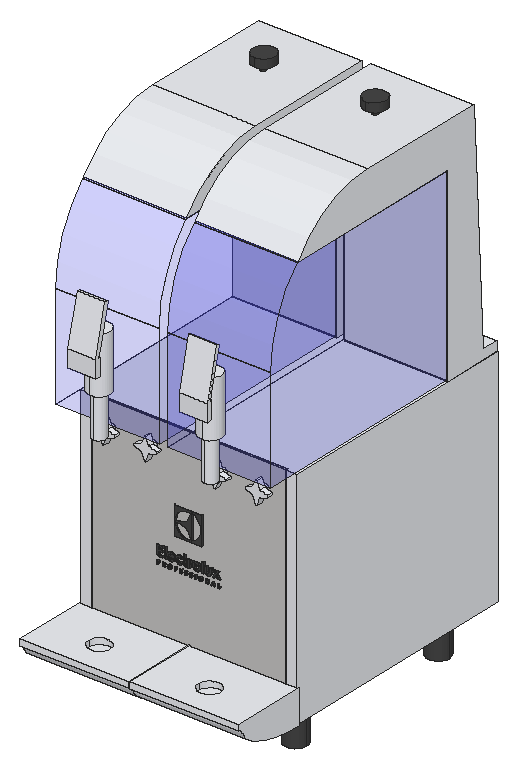
Revit family "QF_ELECTROLUXPROFESSIONAL_562520_IPRO2MR290", category Attrezzature speciali, Revit 2020
Family settings
  Quota connettore circolare = Usa diametro
  Tipo di parte = Normale
  Basato su piano di lavoro = No
  Sempre verticale = Sì
  Taglio con vuoti quando caricato = No
  Condiviso = No
  Punto di calcolo locali = No
Parameters (values of type "Standard")
  Weight = 60.00 kg
  Watts = 790 W
  Volts = 220 V
  URL Manufacturer = "https://www.electroluxprofessional.com/"
  URL = "https://www.electroluxprofessional.com/"
  Steam Supply Size = 0 mm
  Steam Supply Minimum Pressure = 0.0 Pa
  Steam Supply Maximum Pressure = 0.0 Pa
  Steam Consumption per Hour = 0
  Show Logo [instance] = yes
  Show Clearance [instance] = yes
  Refrigeration Suction Line Size = 0 mm
  Refrigeration Liquid Line Size = 0 mm
  Refrigerant Compressor Remote = yes
  Prospetto di default = 0 mm
  Produttore = "Electrolux Professional"
  Phase = 1
  Modello = "IPRO2MR290"
  Length Actual = 400 mm  # constant formula
  Item Number = "562520"
  Hot Water Size = 0 mm
  Height Actual = 870 mm  # constant formula
  HP = "1.1 HP"
  Gas Size = 0 mm
  Gas KW = 0
  Gas Input Pressure = 0 W
  Direct Waste Size = 0 mm
  Descrizione = "2X11 LT BOWL - FROZEN GRANITA DISPENSER - MECHANICAL CONTROL  - 2 INSULATED BOWLS - WHITE, R290 - UK"
  Depth Actual = 580 mm  # constant formula
  Cycle = 50 Hz
  Condensate Return Size = 0 mm
  Compressed Air Volume = 0.0 L/s
  Compressed Air Size = 0 mm
  Compressed Air Pressure = 0.0 Pa
  Cold Water Size = 0 mm
  Accessory = yes
Reference planes
  plane 1: z = 0
  plane 2 "LEFT": x = -300
  plane 3 "BACK": y = 282.5
  plane 4 "FRONT": y = -301.5
  plane 5: z = 873
  plane 6 "RIGHT": x = 95
  plane 7: x = -102.5
  plane 8: y = -282.5
  plane 9: x = -202.5
  plane 10: x = -2.5
  plane 11: z = 445
  plane 12: z = 677.97
  plane 13: z = 110
  plane 14: z = 900
  plane 15: through (60, -104.25, 3830) normal (-0.7071, -0.7071, 0)
  plane 16: through (60, -84.25, 3830) normal (0.7071, -0.7071, 0)
Forms (mm)
  Extrusion 1, solid, material "QF_Finishes_White"
    sketch origin (0, 0, 0) x (1, 0, 0) y (0, 1, 0)
      loop
        line (-296.5, 282.5) -> (-296.5, -167.5) -> (-276.5, -167.5) -> (-276.5, -162.5) -> (71.5, -162.5) -> (71.5, -167.5) -> (91.5, -167.5) -> (91.5, 282.5) -> (-296.5, 282.5)
    from 50 to 453
  Extrusion 2, solid, material "QF_Finishes_Stainless Steel"
    sketch origin (0, 0, 0) x (1, 0, 0) y (0, 1, 0)
      loop
        line (71, -163) -> (-276, -163) -> (-276, -167.5) -> (71, -167.5) -> (71, -163)
    from 110 to 453
  Extrusion 3, solid, material "QF_Finishes_Stainless Steel"
    sketch origin (-367.596, -267.273, 48) x (0, -1, 0) y (1, 0, 0)
      loop
        line (-163.023, 407.596) -> (-163.023, 427.596) -> (-183.023, 427.596) -> (-183.023, 407.596) -> (-163.023, 407.596)
    from 0 to 2
Dimensions and locks
  plane 3 "BACK" to plane 4 "FRONT" = 584 mm  (x3)
  plane 5 to level = 873 mm  (x2)
  plane 2 "LEFT" to plane 6 "RIGHT" = 395 mm
  equal spacing: plane 2 "LEFT", plane 7, plane 6 "RIGHT"
  plane 3 "BACK" to plane 8 = 565 mm
  plane 10 to plane 9 = 200 mm
  plane 12 to plane 11 = 232.97 mm
  level to plane 14 = 900 mm
  plane 13 to level = 110 mm
  plane 11 to plane 13 = 335 mm
  plane 6 "RIGHT" to plane 2 "LEFT" = 395 mm
  aligned and locked: level to plane 1
Automatic sketch dimensions
  Extrusion 1 sketch curve to plane 3 "BACK" = 0 mm
  plane 2 "LEFT" to Extrusion 1 sketch curve = 3.5 mm
  Extrusion 1 sketch curve to Extrusion 1 sketch curve = 20 mm
  Extrusion 1 sketch curve to plane 6 "RIGHT" = 23.5 mm
  Extrusion 1 sketch curve to plane 6 "RIGHT" = 3.5 mm
  Extrusion 1 sketch curve to plane 8 = 120 mm
  Extrusion 1 sketch curve to Extrusion 1 sketch curve = 5 mm  (x2)
  plane 2 "LEFT" to Extrusion 2 sketch curve = 24 mm
  Extrusion 2 sketch curve to plane 6 "RIGHT" = 24 mm
  Extrusion 2 sketch curve to plane 8 = 115 mm
  Extrusion 2 sketch curve to Extrusion 2 sketch curve = 4.5 mm
  Extrusion 3 sketch curve to plane 15 = 0 mm
  plane 16 to Extrusion 3 sketch curve = 0 mm
  Extrusion 3 sketch curve to plane 16 = 0 mm
  plane 10 to Extrusion 3 sketch curve = 42.5 mm
Nested families
  nested 1: "BOCCHETTONE BEVERAGE" at (-202.5, -260.625, 445), type "BOCCHETTONE BEVERAGE"
  nested 2: "BOCCHETTONE BEVERAGE" at (-2.5, -260.625, 445), type "BOCCHETTONE BEVERAGE"
  nested 3: "MANOPOLA BEVERAGE" at (-240, -167.5, 413) x (0, 0, 1) z (0, -1, 0), type "MANOPOLA BEVERAGE"
  nested 4: "MANOPOLA BEVERAGE" at (-165, -167.5, 413) x (0, 0, 1) z (0, -1, 0), type "MANOPOLA BEVERAGE"
  nested 5: "MANOPOLA BEVERAGE" at (35, -167.5, 413) x (0, 0, 1) z (0, -1, 0), type "MANOPOLA BEVERAGE"
  nested 6: "MANOPOLA BEVERAGE" at (-40, -167.5, 413) x (0, 0, 1) z (0, -1, 0), type "MANOPOLA BEVERAGE"
  nested 7: "MANOPOLA APERTURA BEVERAGE " at (-202.5, 125, 873) x (0, 1, 0) z (0, 0, 1), type "MANOPOLA APERTURA BEVERAGE "
  nested 8: "MANOPOLA APERTURA BEVERAGE " at (-2.5, 125, 873) x (0, 1, 0) z (0, 0, 1), type "MANOPOLA APERTURA BEVERAGE "
  nested 9: "ELXP_LOGO_ONLY_MEDIUM" at (-102.5, -167.5, 303) x (1, 0, 0) z (0, -1, 0), Show Logo <- "Show Logo", visible <- "Show Logo", type "ELXP_LOGO_ONLY_MEDIUM"
    with Show Logo yes
  nested 10: "ELX_LOGO_WORDS_MEDIUM" at (-102.5, -167.5, 238) x (1, 0, 0) z (0, -1, 0), visible <- "Show Logo", Show Logo <- "Show Logo", type "ELX_LOGO_WORDS_MEDIUM"
    with Show Logo yes
  nested 11: "VASCHETTA BEVERAGE" at (-201.25, -167.5, 80) x (1, 0, 0) z (0, -1, 0), type "VASCHETTA BEVERAGE"
  nested 12: "VASCHETTA BEVERAGE" at (-3.75, -167.5, 80) x (-1, 0, 0) z (0, -1, 0), type "VASCHETTA BEVERAGE"
  nested 13: "PORTAGRANITE BEVERAGE" at (-202.5, 28.972, 453), type "PORTAGRANITE BEVERAGE"
  nested 14: "PORTAGRANITE BEVERAGE" at (-2.5, 28.972, 453) x (-1, 0, 0) z (0, 0, 1), type "PORTAGRANITE BEVERAGE"
  nested 15: "Piedino 50x40 BEVERAGE" at (-268.5, 184.5, 0), type "Piedino 50x40 BEVERAGE"
    with H 150 mm
  nested 16: "Piedino 50x40 BEVERAGE" at (-268.5, -135.5, 0), type "Piedino 50x40 BEVERAGE"
    with H 150 mm
  nested 17: "Piedino 50x40 BEVERAGE" at (63.5, 184.5, 0) x (-1, 0, 0) z (0, 0, 1), type "Piedino 50x40 BEVERAGE"
    with H 150 mm
  nested 18: "Piedino 50x40 BEVERAGE" at (63.5, -135.5, 0) x (-1, 0, 0) z (0, 0, 1), type "Piedino 50x40 BEVERAGE"
    with H 150 mm
Connectors
  electrical at (50, -94.25, 48), driven by "Volts"
    settings: on Extrusion 3, index 72, voltage 220 V, apparent load 0 VA, apparent load phase1 0 VA, apparent load phase2 0 VA, apparent load phase3 0 VA, power factor 1, load classification "Altro", number of poles 1, system type 30, power factor state 1, is connector primary yes, connector utility no, sub classification motor no, connector description "Electrical Connection"
Definition of nested family "BOCCHETTONE BEVERAGE"
  Parameters (values of type "BOCCHETTONE BEVERAGE")
    Default Elevation = 1219.2 mm
  Reference planes
    plane 1 "Centro (Fronte/Retro)": y = 0
    plane 2: z = 0
    plane 3 "Centro (Sinistra/Destra)": x = 0
    plane 4: z = 233
    plane 5: y = -22
  Forms (mm)
    Extrusion 1, solid
      sketch origin (0, 0, 0) x (1, 0, 0) y (0, 1, 0)
        loop
          line (-1219.2, 1219.2) -> (-1219.2, -1219.2) -> (1219.2, -1219.2) -> (1219.2, 1219.2) -> (-1219.2, 1219.2)
      from 0 to -304.8
    Extrusion 2, solid
      sketch origin (0, 15.961, 0) x (0, -1, 0) y (1, 0, 0)
        loop
          circle (0, 0) r 12
      from 0 to 75
    Extrusion 3, solid
      sketch origin (0, 15.961, 75) x (0, -1, 0) y (1, 0, 0)
        loop
          circle (0, 0) r 20
      from 0 to 100
    Extrusion 4, void
      sketch origin (0, 0, 0) x (1, 0, 0) y (0, 1, 0)
        loop
          line (-27.179, -16.141) -> (-21.226, -10.188) -> (-6.226, -10.188) -> (-6.226, 12.684) -> (-27.179, 12.684) -> (-27.179, -16.141)
        loop
          line (27.179, -16.141) -> (27.179, 12.684) -> (6.226, 12.684) -> (6.226, -10.188) -> (21.226, -10.188) -> (27.179, -16.141)
      from 104.337 to 159.894
    Extrusion 5, solid
      sketch origin (25, 15.961, 29.221) x (0, -1, 0) y (0, 0, 1)
        loop
          line (11.922, 118.779) -> (11.922, 88.779) -> (37.961, 88.779) -> (37.961, 119.393) -> (16.929, 203.749) -> (12.077, 202.539) -> (32.961, 118.779) -> (11.922, 118.779)
      from 0 to 50
  Cuts and joins
    Extrusion 4 cuts Extrusion 5
    joined: Extrusion 3, Extrusion 5
  Dimensions and locks
    Extrusion 1 to plane 4 = 233 mm
    aligned and locked: plane 2 to Extrusion 1
    aligned and locked: level to Extrusion 1
Definition of nested family "MANOPOLA BEVERAGE"
  Parameters (values of type "MANOPOLA BEVERAGE")
    Default Elevation = 1219.2 mm
  Reference planes
    plane 1 "Centro (Fronte/Retro)": y = 0
    plane 2: z = 0
    plane 3 "Centro (Sinistra/Destra)": x = 0
    plane 4: z = 20
  Forms (mm)
    Extrusion 1, solid
      sketch origin (0, 0, 0) x (1, 0, 0) y (0, 1, 0)
        loop
          line (-1219.2, 1219.2) -> (-1219.2, -1219.2) -> (1219.2, -1219.2) -> (1219.2, 1219.2) -> (-1219.2, 1219.2)
      from 0 to -304.8
    Extrusion 2, solid
      sketch origin (0, 0, 10) x (1, 0, 0) y (0, 1, 0)
        loop
          line (-20, -1.333) -> (-6.314, -6.314) -> (-1.333, -20) -> (1.333, -20) -> (6.314, -6.314) -> (20, -1.333) -> (20, 1.333) -> (6.314, 6.314) -> (1.333, 20) -> (-1.333, 20) -> (-6.314, 6.314) -> (-20, 1.333) -> (-20, -1.333)
      from 0 to 10
    Extrusion 3, solid
      sketch origin (0, 0, 0) x (1, 0, 0) y (0, 1, 0)
        loop
          circle (0, 0) r 5
      from 0 to 10
  Dimensions and locks
    aligned and locked: plane 2 to Extrusion 1
    aligned and locked: level to Extrusion 1
Definition of nested family "MANOPOLA APERTURA BEVERAGE "
  Parameters (values of type "MANOPOLA APERTURA BEVERAGE ")
    Default Elevation = 1219.2 mm
  Reference planes
    plane 1 "Centro (Fronte/Retro)": y = 0
    plane 2: z = 0
    plane 3 "Centro (Sinistra/Destra)": x = 0
    plane 4: z = 27
  Forms (mm)
    Extrusion 1, solid
      sketch origin (0, 0, 0) x (1, 0, 0) y (0, 1, 0)
        loop
          line (-1219.2, 1219.2) -> (-1219.2, -1219.2) -> (1219.2, -1219.2) -> (1219.2, 1219.2) -> (-1219.2, 1219.2)
      from 0 to -304.8
    Extrusion 2, solid
      sketch origin (0, 0, 0) x (1, 0, 0) y (0, 1, 0)
        loop
          circle (0, 0) r 5
      from 0 to 12
    Extrusion 3, solid
      sketch origin (0, 0, 12) x (1, 0, 0) y (0, 1, 0)
        loop
          circle (0, 0) r 20
      from 0 to 15
  Dimensions and locks
    Extrusion 1 to plane 4 = 27 mm
    aligned and locked: plane 2 to Extrusion 1
    aligned and locked: level to Extrusion 1
Definition of nested family "ELXP_LOGO_ONLY_MEDIUM"
  Parameters (values of type "ELXP_LOGO_ONLY_MEDIUM")
    Show Logo [instance] = yes
    Default Elevation = 0 mm
  Reference planes
    plane 1 "Centro (Fronte/Retro)": y = 0
    plane 2: z = 0
    plane 3 "Centro (Sinistra/Destra)": x = 0
  Forms (mm)
    Extrusion 1, solid
      sketch origin (0, 0, 0) x (1, 0, 0) y (0, 1, 0)
        loop
          line (-1219.2, 1219.2) -> (-1219.2, -1219.2) -> (1219.2, -1219.2) -> (1219.2, 1219.2) -> (-1219.2, 1219.2)
      from 0 to -304.8
    Extrusion 2, solid, visible <- "Show Logo"
      sketch origin (15.862, -72.798, 0) x (1, 0, 0) y (0, 1, 0)
        loop
          line (-40.901, 47.952) -> (9.138, 47.952) -> (9.138, 97.923) -> (-40.901, 97.923) -> (-40.901, 47.952)
        loop
          line (-9.2, 95.47) -> (-9.2, 50.507)
          arc (-9.2, 50.507) -> (7.421, 72.988) -> (-9.2, 95.47) r 23.515
        loop
          line (-11.486, 92.214) -> (-11.486, 95.47)
          arc (-11.486, 95.47) -> (-30.185, 91.22) -> (-39.194, 74.292) r 23.044
          line (-39.194, 74.292) -> (-31.756, 74.292)
          arc (-31.756, 74.292) -> (-18.467, 79.686) -> (-11.486, 92.214) r 21.599
        loop
          arc (-39.194, 71.685) -> (-30.2, 54.618) -> (-11.486, 49.93) r 23.647
          line (-11.486, 49.93) -> (-11.486, 53.763)
          arc (-11.486, 53.763) -> (-18.467, 66.291) -> (-31.756, 71.685) r 21.599
          line (-31.756, 71.685) -> (-39.194, 71.685)
      from 0 to 1.644
  Dimensions and locks
    aligned and locked: plane 2 to Extrusion 1
    aligned and locked: level to Extrusion 1
Definition of nested family "ELX_LOGO_WORDS_MEDIUM"
  Parameters (values of type "ELX_LOGO_WORDS_MEDIUM")
    Show Logo [instance] = yes
    Default Elevation = 0 mm
  Reference planes
    plane 1 "Centro (Fronte/Retro)": y = 0
    plane 2: z = 0
    plane 3 "Centro (Sinistra/Destra)": x = 0
  Forms (mm)
    Extrusion 1, solid
      sketch origin (0, 0, 0) x (1, 0, 0) y (0, 1, 0)
        loop
          line (-1219.2, 1219.2) -> (-1219.2, -1219.2) -> (1219.2, -1219.2) -> (1219.2, 1219.2) -> (-1219.2, 1219.2)
      from 0 to -304.8
    Extrusion 2, solid, visible <- "Show Logo"
      sketch origin (0, 0, 0) x (1, 0, 0) y (0, 1, 0)
        loop
          line (-45.351, 15.842) -> (-56.505, 15.842) -> (-56.505, 2.853)
          arc (-56.505, 2.853) -> (-55.037, -0.691) -> (-51.493, -2.159) r 5.012
          line (-51.493, -2.159) -> (-45.135, -2.159) -> (-45.135, 0.755) -> (-50.767, 0.755)
          arc (-50.767, 0.755) -> (-52.618, 1.38) -> (-53.406, 3.168) r 2.423
          line (-53.406, 3.168) -> (-53.406, 5.743) -> (-45.833, 5.743) -> (-45.833, 8.668) -> (-53.406, 8.668) -> (-53.406, 12.925) -> (-45.351, 12.925) -> (-45.351, 15.842)
        loop
          line (-42.933, 15.842) -> (-42.933, -2.159) -> (-39.832, -2.159) -> (-39.832, 15.842) -> (-42.933, 15.842)
        loop
          line (24.405, 15.842) -> (24.405, -2.159) -> (27.508, -2.159) -> (27.508, 15.842) -> (24.405, 15.842)
        loop
          line (-34.705, 3.589) -> (-24.531, 3.589)
          arc (-24.531, 3.589) -> (-26.123, 9.178) -> (-31.565, 11.217) r 6.447
          arc (-31.565, 11.217) -> (-36.358, 8.786) -> (-37.726, 3.589) r 6.56
          arc (-37.726, 3.589) -> (-35.926, -0.757) -> (-31.58, -2.557) r 6.146
          arc (-31.58, -2.557) -> (-28.198, -2.058) -> (-25.362, -0.149) r 7.726
          line (-25.362, -0.149) -> (-27.199, 1.688)
          arc (-27.199, 1.688) -> (-29.61, 0.242) -> (-32.411, 0.485) r 4.558
          arc (-32.411, 0.485) -> (-34.119, 1.622) -> (-34.705, 3.589) r 3.019
        loop
          line (-34.628, 5.769) -> (-27.646, 5.769)
          arc (-27.646, 5.769) -> (-28.626, 7.83) -> (-30.779, 8.59) r 2.974
          arc (-30.779, 8.59) -> (-33.263, 7.943) -> (-34.628, 5.769) r 3.481
        loop
          line (-12.445, 7.067) -> (-10.499, 9.013)
          arc (-10.499, 9.013) -> (-12.94, 10.78) -> (-15.907, 11.309) r 6.746
          arc (-15.907, 11.309) -> (-20.432, 9.655) -> (-22.806, 5.463) r 6.977
          arc (-22.806, 5.463) -> (-18.803, -1.885) -> (-10.608, -0.191) r 7.026
          line (-10.608, -0.191) -> (-12.544, 1.745)
          arc (-12.544, 1.745) -> (-16.723, 0.362) -> (-19.717, 3.589) r 4.071
          arc (-19.717, 3.589) -> (-19.509, 6.14) -> (-17.752, 8.002) r 3.867
          arc (-17.752, 8.002) -> (-14.941, 8.431) -> (-12.445, 7.067) r 4.442
        loop
          line (-8.594, 15.842) -> (-8.594, 3.541)
          arc (-8.594, 3.541) -> (-8.326, 1.695) -> (-7.635, -0.038) r 7.951
          arc (-7.635, -0.038) -> (-5.422, -1.797) -> (-2.62, -2.167) r 5.297
          line (-2.62, -2.167) -> (-2.62, 0.738)
          arc (-2.62, 0.738) -> (-3.453, 0.802) -> (-4.23, 1.109) r 2.792
          arc (-4.23, 1.109) -> (-5.227, 2.163) -> (-5.494, 3.589) r 2.57
          line (-5.494, 3.589) -> (-5.494, 8.043) -> (-2.678, 8.043) -> (-2.678, 10.86) -> (-5.494, 10.86) -> (-5.494, 15.842) -> (-8.594, 15.842)
        loop
          arc (3.006, 4.684) -> (3.228, 5.982) -> (3.868, 7.133) r 3.911
          arc (3.868, 7.133) -> (5.725, 8.086) -> (7.812, 8.043) r 4.26
          line (7.812, 8.043) -> (7.812, 11.023)
          arc (7.812, 11.023) -> (5.085, 10.766) -> (3.006, 8.983) r 4.524
          line (3.006, 8.983) -> (3.006, 10.86) -> (-0.069, 10.86) -> (-0.069, -2.159) -> (3.006, -2.159) -> (3.006, 4.684)
        loop
          circle (15.393, 4.348) r 6.899
        loop
          circle (15.393, 4.348) r 4.181
        loop
          arc (38.69, 3.262) -> (37.924, 1.158) -> (35.848, 0.319) r 2.752
          arc (35.848, 0.319) -> (33.771, 1.158) -> (33.005, 3.262) r 2.752
          line (33.005, 3.262) -> (33.005, 10.859) -> (29.879, 10.859) -> (29.879, 3.004)
          arc (29.879, 3.004) -> (31.658, -1.052) -> (35.848, -2.489) r 5.512
          arc (35.848, -2.489) -> (40.084, -1.008) -> (41.815, 3.132) r 5.512
          line (41.815, 3.132) -> (41.815, 10.859) -> (38.69, 10.859) -> (38.69, 3.262)
        loop
          line (43.689, 10.859) -> (48.192, 4.746) -> (43.245, -2.164) -> (46.578, -2.164) -> (49.861, 2.422) -> (53.193, -2.164) -> (56.505, -2.164) -> (51.629, 4.817) -> (56.087, 10.859) -> (52.703, 10.859) -> (49.851, 6.995) -> (47.043, 10.859) -> (43.689, 10.859)
        loop
          line (-53.813, -9.621) -> (-56.285, -9.621) -> (-56.285, -15.847) -> (-54.932, -15.847) -> (-54.932, -13.703) -> (-53.437, -13.703)
          arc (-53.437, -13.703) -> (-51.764, -11.49) -> (-53.813, -9.621) r 2.058
        loop
          arc (-53.496, -12.48) -> (-52.984, -11.679) -> (-53.496, -10.879) r 0.881
          line (-53.496, -10.879) -> (-54.932, -10.879) -> (-54.932, -12.48) -> (-53.496, -12.48)
        loop
          line (-44.045, -9.621) -> (-46.56, -9.621) -> (-46.56, -15.847) -> (-45.207, -15.847) -> (-45.207, -13.703) -> (-43.898, -13.703) -> (-43.003, -15.847) -> (-41.55, -15.847) -> (-42.774, -13.222)
          arc (-42.774, -13.222) -> (-42.188, -12.521) -> (-41.991, -11.628) r 1.922
          arc (-41.991, -11.628) -> (-42.609, -10.206) -> (-44.045, -9.621) r 2.055
        loop
          line (-45.207, -10.879) -> (-45.207, -12.48) -> (-43.771, -12.48)
          arc (-43.771, -12.48) -> (-43.258, -11.679) -> (-43.771, -10.879) r 0.881
          line (-43.771, -10.879) -> (-45.207, -10.879)
        loop
          circle (-33.602, -12.734) r 3.233
        loop
          circle (-33.602, -12.734) r 2.052
        loop
          line (-25.054, -9.622) -> (-25.054, -15.847) -> (-23.734, -15.847) -> (-23.734, -13.671) -> (-21.392, -13.671) -> (-21.392, -12.276) -> (-23.734, -12.276) -> (-23.734, -10.963) -> (-21.167, -10.963) -> (-21.167, -9.622) -> (-25.054, -9.622)
        loop
          line (-15.917, -9.622) -> (-15.917, -13.825)
          arc (-15.917, -13.825) -> (-15.343, -15.249) -> (-13.926, -15.842) r 1.991
          line (-13.926, -15.842) -> (-11.917, -15.842) -> (-11.917, -14.666) -> (-13.806, -14.666)
          arc (-13.806, -14.666) -> (-14.501, -14.091) -> (-14.638, -13.198) r 1.267
          line (-14.638, -13.198) -> (-12.15, -13.198) -> (-12.15, -12.023) -> (-14.638, -12.023) -> (-14.638, -10.797) -> (-11.977, -10.797) -> (-11.977, -9.622) -> (-15.917, -9.622)
        loop
          arc (6.626, -10.41) -> (5.801, -9.733) -> (4.757, -9.518) r 2.228
          arc (4.757, -9.518) -> (3.792, -9.755) -> (2.999, -10.352) r 2.468
          arc (2.999, -10.352) -> (2.853, -11.766) -> (3.765, -12.856) r 1.825
          arc (3.765, -12.856) -> (4.531, -13.112) -> (5.259, -13.464) r 6.301
          arc (5.259, -13.464) -> (5.719, -14.005) -> (5.402, -14.641) r 0.645
          arc (5.402, -14.641) -> (4.814, -14.78) -> (4.228, -14.631) r 1.269
          arc (4.228, -14.631) -> (3.722, -14.266) -> (3.412, -13.725) r 1.474
          line (3.412, -13.725) -> (2.324, -14.233)
          arc (2.324, -14.233) -> (2.716, -14.99) -> (3.348, -15.561) r 2.393
          arc (3.348, -15.561) -> (4.065, -15.867) -> (4.841, -15.945) r 2.579
          arc (4.841, -15.945) -> (5.8, -15.754) -> (6.664, -15.295) r 3.369
          arc (6.664, -15.295) -> (7.045, -14.28) -> (6.848, -13.214) r 2.023
          arc (6.848, -13.214) -> (6.423, -12.723) -> (5.879, -12.368) r 2.346
          arc (5.879, -12.368) -> (5.19, -12.061) -> (4.485, -11.796) r 12.353
          arc (4.485, -11.796) -> (4.077, -11.162) -> (4.666, -10.692) r 0.562
          arc (4.666, -10.692) -> (5.372, -10.862) -> (5.915, -11.344) r 1.497
          line (5.915, -11.344) -> (6.626, -10.41)
        loop
          line (12.337, -9.622) -> (12.337, -15.842) -> (13.616, -15.842) -> (13.616, -9.622) -> (12.337, -9.622)
        loop
          circle (22.24, -12.732) r 1.935
        loop
          circle (22.24, -12.732) r 3.231
        loop
          line (30.821, -15.842) -> (32.114, -15.842) -> (32.114, -11.931) -> (34.96, -15.842) -> (36.203, -15.842) -> (36.203, -9.622) -> (34.911, -9.622) -> (34.911, -13.651) -> (32.065, -9.622) -> (30.821, -9.622) -> (30.821, -15.842)
        loop
          line (42.652, -15.842) -> (43.258, -14.5) -> (45.559, -14.5) -> (46.165, -15.842) -> (47.54, -15.842) -> (44.912, -9.622) -> (43.712, -9.622) -> (41.279, -15.842) -> (42.652, -15.842)
        loop
          line (44.985, -13.224) -> (44.369, -11.857) -> (43.77, -13.224) -> (44.985, -13.224)
        loop
          line (53.893, -14.666) -> (53.893, -9.622) -> (52.614, -9.622) -> (52.614, -15.842) -> (56.285, -15.842) -> (56.285, -14.666) -> (53.893, -14.666)
        loop
          arc (-2.701, -10.41) -> (-3.525, -9.733) -> (-4.57, -9.518) r 2.228
          arc (-4.57, -9.518) -> (-5.534, -9.755) -> (-6.327, -10.352) r 2.468
          arc (-6.327, -10.352) -> (-6.473, -11.766) -> (-5.562, -12.856) r 1.825
          arc (-5.562, -12.856) -> (-4.795, -13.112) -> (-4.067, -13.464) r 6.301
          arc (-4.067, -13.464) -> (-3.608, -14.005) -> (-3.924, -14.641) r 0.645
          arc (-3.924, -14.641) -> (-4.512, -14.78) -> (-5.098, -14.631) r 1.269
          arc (-5.098, -14.631) -> (-5.604, -14.266) -> (-5.914, -13.725) r 1.474
          line (-5.914, -13.725) -> (-7.002, -14.233)
          arc (-7.002, -14.233) -> (-6.61, -14.99) -> (-5.978, -15.561) r 2.393
          arc (-5.978, -15.561) -> (-5.261, -15.867) -> (-4.485, -15.945) r 2.579
          arc (-4.485, -15.945) -> (-3.526, -15.754) -> (-2.663, -15.295) r 3.369
          arc (-2.663, -15.295) -> (-2.281, -14.28) -> (-2.478, -13.214) r 2.023
          arc (-2.478, -13.214) -> (-2.903, -12.723) -> (-3.448, -12.368) r 2.346
          arc (-3.448, -12.368) -> (-4.136, -12.061) -> (-4.842, -11.796) r 12.353
          arc (-4.842, -11.796) -> (-5.249, -11.162) -> (-4.66, -10.692) r 0.562
          arc (-4.66, -10.692) -> (-3.954, -10.862) -> (-3.412, -11.344) r 1.497
          line (-3.412, -11.344) -> (-2.701, -10.41)
      from 0 to 1.644
  Dimensions and locks
    aligned and locked: plane 2 to Extrusion 1
    aligned and locked: level to Extrusion 1
Definition of nested family "VASCHETTA BEVERAGE"
  Parameters (values of type "VASCHETTA BEVERAGE")
    Default Elevation = 1219.2 mm
  Reference planes
    plane 1 "Centro (Fronte/Retro)": y = 0
    plane 2: z = 0
    plane 3 "Centro (Sinistra/Destra)": x = 0
  Forms (mm)
    Extrusion 1, solid
      sketch origin (0, 0, 0) x (1, 0, 0) y (0, 1, 0)
        loop
          line (-1219.2, 1219.2) -> (-1219.2, -1219.2) -> (1219.2, -1219.2) -> (1219.2, 1219.2) -> (-1219.2, 1219.2)
      from 0 to -304.8
    Extrusion 2, solid
      sketch origin (-97.5, -80, -167.5) x (0, 0, -1) y (0, 1, 0)
        loop
          line (-167.5, 110) -> (-301.5, 110) -> (-301.5, 100) -> (-296.403, 100)
          spline (-296.403, 100) -> (-294.717, 93.399) -> (-290.961, 86.937) -> (-285.195, 80.722) -> (-277.513, 74.853) -> (-268.041, 69.426) -> (-256.932, 64.529) -> (-244.367, 60.243) -> (-230.551, 56.637) -> (-215.709, 53.769) -> (-200.082, 51.686) -> (-183.925, 50.423) -> (-167.5, 50)
          line (-167.5, 50) -> (-167.5, 110)
      from 0 to 195
    Extrusion 3, void
      sketch origin (202.5, -80, -167.5) x (1, 0, 0) y (0, 0, -1)
        loop
          circle (-202.5, -244.664) r 20
      from 100 to 110
  Cuts and joins
    Extrusion 3 cuts Extrusion 2
  Dimensions and locks
    aligned and locked: plane 2 to Extrusion 1
    aligned and locked: level to Extrusion 1
Definition of nested family "PORTAGRANITE BEVERAGE"
  Parameters (values of type "PORTAGRANITE BEVERAGE")
    Default Elevation = 1219.2 mm
  Reference planes
    plane 1 "Centro (Fronte/Retro)": y = 0
    plane 2: z = 0
    plane 3 "Centro (Sinistra/Destra)": x = 0
    plane 4: z = 233
    plane 5: y = -36.472
    plane 6: z = 338
  Forms (mm)
    Extrusion 1, solid
      sketch origin (0, 0, 0) x (1, 0, 0) y (0, 1, 0)
        loop
          line (-1219.2, 1219.2) -> (-1219.2, -1219.2) -> (1219.2, -1219.2) -> (1219.2, 1219.2) -> (-1219.2, 1219.2)
      from 0 to -304.8
    Extrusion 2, solid
      sketch origin (-92.5, -28.972, -376) x (0, 1, 0) y (0, 0, 1)
        loop
          line (172.5, 716) -> (172.5, 376) -> (282.5, 376) -> (282.5, 393) -> (251.241, 393) -> (230.12, 796) -> (-7.5, 796)
          arc (-7.5, 796) -> (-94.678, 774.819) -> (-162.419, 716) r 190
          line (-162.419, 716) -> (172.5, 716)
      from 0 to 185
    Extrusion 3, solid
      sketch origin (-100, -28.972, -376) x (0, 1, 0) y (0, 0, 1)
        loop
          line (170.5, 378) -> (170.5, 714) -> (-164.355, 714)
          arc (-164.355, 714) -> (-209.023, 644.734) -> (-224.664, 563.812) r 217.164
          line (-224.664, 563.812) -> (-224.664, 378) -> (170.5, 378)
      from 7.5 to 192.5
  Dimensions and locks
    Extrusion 1 to plane 4 = 233 mm
    aligned and locked: plane 2 to Extrusion 1
    aligned and locked: level to Extrusion 1
Definition of nested family "Piedino 50x40 BEVERAGE"
  Parameters (values of type "Piedino 50x40 BEVERAGE")
    Default Elevation = 0 mm
    H [instance] = 150 mm
  Reference planes
    plane 1 "Centro (Fronte/Retro)": y = 0
    plane 2: z = 0
    plane 3 "Centro (Sinistra/Destra)": x = 0
  Forms (mm)
    Revolve 1, solid
      sketch origin (55, 0, 0) x (-1, 0, 0) y (0, 0, -1)
        loop
          line (55, 0) -> (35, 0) -> (35, -50) -> (55, -50) -> (55, 0)
        axis (55, 0) -> (55, -50)
      angle from 0 to 360
  Dimensions and locks
    aligned and locked: level to plane 2
